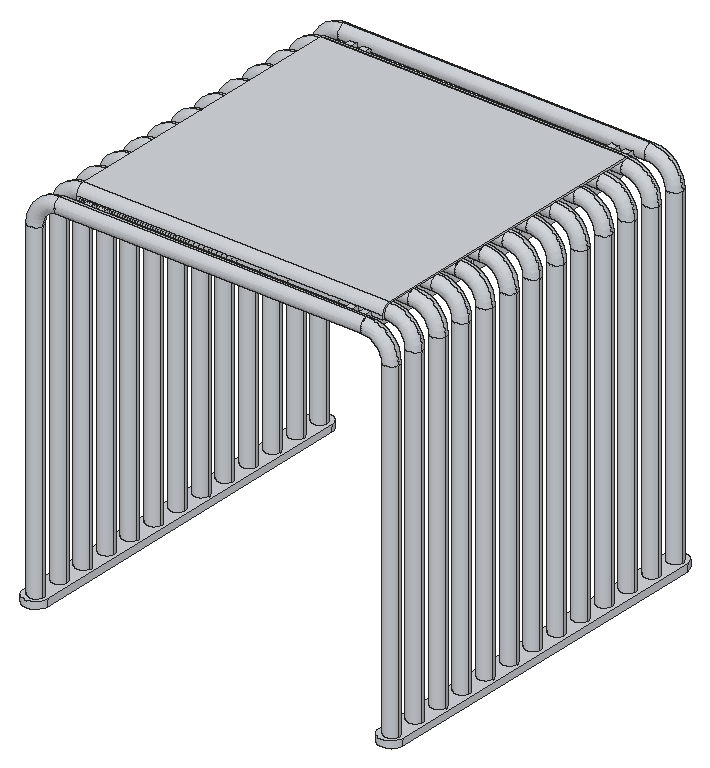
Revit family "XCUBE-XLCUBE1", category Furniture, Revit 2019
Family settings
  OmniClass Number = 23.40.20.00
  OmniClass Title = General Furniture and Specialties
  Work Plane-Based = No
  Always vertical = Yes
  Cut with Voids When Loaded = No
  Shared = No
  Room Calculation Point = No
Parameters (values of type "XCUBE")
  XLCUBE = no
  XCUBE = yes
  URL = "https://viaseating.com/series/sierra-015-outdoor-collection-single-backless-seat/"
  Model = "XCUBE"
  Manufacturer = "Via Seating"
  Finish [instance] = none
  Description = "The Sierra Cube is the most versatile product in the entire collection. It can be used as a seat, side table or pouffe.  It's ready-equipped for fastening to the ground with bolts or joined together using steel plates."
Types (3): name | XLCUBE | XCUBE | Model
  (no name) | no | yes | "XCUBE"
  XCUBE | no | yes | "XCUBE"
  XLCUBE | yes | no | "XLCUBE"
Reference planes (in)
  plane 1 "Center Front/Back": y = 0
  plane 2: z = 0
  plane 3 "Center Left/Right": x = 0
Forms (in)
  Extrusion 1, solid, material <- "Finish", visible <- "XLCUBE"
    sketch origin (9.09301, -6.94997, 0) x (1, 0, 0) y (0, 1, 0)
      loop
        arc (-9.09301, -7.10336) -> (-8.5032, -7.66438) -> (-7.91339, -7.10336) r 0.59055
        line (-7.91339, -7.10336) -> (-7.91339, 6.3997)
        arc (-7.91339, 6.3997) -> (-8.5032, 6.96072) -> (-9.09301, 6.3997) r 0.59055
        line (-9.09301, 6.3997) -> (-9.09301, -7.10336)
      loop
        circle (-8.5032, 6.3764) r 0.35531
      loop
        circle (-8.5032, 4.97083) r 0.35531
      loop
        circle (-8.5032, 3.53733) r 0.35531
      loop
        circle (-8.5032, 2.13177) r 0.35531
      loop
        circle (-8.5032, 0.70714) r 0.35531
      loop
        circle (-8.5032, -7.08006) r 0.35531
      loop
        circle (-8.5032, -5.67449) r 0.35531
      loop
        circle (-8.5032, -4.24099) r 0.35531
      loop
        circle (-8.5032, -2.83543) r 0.35531
      loop
        circle (-8.5032, -1.4108) r 0.35531
    from 0 to 0.31496
  Extrusion 2, solid, material <- "Finish", visible <- "XLCUBE"
    sketch origin (9.09301, -6.94997, 0) x (0, 1, 0) y (0, 0, -1)
      loop
        arc (6.24996, -16.96996) -> (5.46634, -16.56973) -> (4.6162, -16.34281) r 4.17074
        arc (4.6162, -16.34281) -> (2.15865, -16.28893) -> (-0.29948, -16.29746) r 96.79933
        arc (-0.29948, -16.29746) -> (-0.36176, -16.35471) -> (-0.42404, -16.29745) r 0.0625
        arc (-0.42404, -16.29745) -> (-2.8821, -16.28893) -> (-5.33958, -16.34281) r 96.79933
        arc (-5.33958, -16.34281) -> (-6.18972, -16.56973) -> (-6.97334, -16.96996) r 4.17074
        arc (-6.97334, -16.96996) -> (-6.99795, -17.00745) -> (-6.98712, -17.05097) r 0.05596
        arc (-6.98712, -17.05097) -> (-6.81992, -17.1701) -> (-6.7475, -17.3622) r 0.35238
        line (-6.7475, -17.3622) -> (-6.03753, -17.3622)
        arc (-6.03753, -17.3622) -> (-5.68887, -17.03397) -> (-5.34022, -17.3622) r 0.34929
        line (-5.34022, -17.3622) -> (-4.61764, -17.3622)
        arc (-4.61764, -17.3622) -> (-4.26899, -17.03397) -> (-3.92034, -17.3622) r 0.34929
        line (-3.92034, -17.3622) -> (-3.20033, -17.3622)
        arc (-3.20033, -17.3622) -> (-2.85167, -17.03397) -> (-2.50302, -17.3622) r 0.34929
        line (-2.50302, -17.3622) -> (-1.78044, -17.3622)
        arc (-1.78044, -17.3622) -> (-1.43179, -17.03397) -> (-1.08314, -17.3622) r 0.34929
        line (-1.08314, -17.3622) -> (0.35975, -17.3622)
        arc (0.35975, -17.3622) -> (0.70841, -17.03397) -> (1.05706, -17.3622) r 0.34929
        line (1.05706, -17.3622) -> (1.77964, -17.3622)
        arc (1.77964, -17.3622) -> (2.12829, -17.03397) -> (2.47695, -17.3622) r 0.34929
        line (2.47695, -17.3622) -> (3.19695, -17.3622)
        arc (3.19695, -17.3622) -> (3.54561, -17.03397) -> (3.89426, -17.3622) r 0.34929
        line (3.89426, -17.3622) -> (4.61684, -17.3622)
        arc (4.61684, -17.3622) -> (4.96549, -17.03397) -> (5.31414, -17.3622) r 0.34929
        line (5.31414, -17.3622) -> (6.02412, -17.3622)
        arc (6.02412, -17.3622) -> (6.09654, -17.1701) -> (6.26373, -17.05097) r 0.35238
        arc (6.26373, -17.05097) -> (6.27456, -17.00745) -> (6.24996, -16.96996) r 0.05596
      loop
        circle (1.43063, -16.82947) r 0.10934
      loop
        circle (-2.15401, -16.82947) r 0.10934
    from -6.75224 to -6.43744
  Sweep 3, solid, material <- "Finish", visible <- "XLCUBE"
    path origin (9.09301, -5.03698, 0) x (1, 0, 0) y (0, 0, 1)
      loop
        line (-8.5032, 0) -> (-8.5032, 16.21875)
        arc (-8.5032, 16.21875) -> (-8.16018, 17.04687) -> (-7.33205, 17.3899) r 1.17115
        line (-7.33205, 17.3899) -> (7.33205, 17.3899)
        arc (7.33205, 17.3899) -> (8.16018, 17.04687) -> (8.5032, 16.21875) r 1.17115
        line (8.5032, 16.21875) -> (8.5032, 0)
    profile origin (0.58981, -5.03698, 8.10937) x (-1, 0, 0) y (0, -1, 0)
      loop
        circle (0, 9) r 0.35531
  Sweep 4, solid, material <- "Finish", visible <- "XLCUBE"
    path origin (9.09301, -3.63141, 0) x (1, 0, 0) y (0, 0, 1)
      loop
        line (-8.5032, 0) -> (-8.5032, 16.21875)
        arc (-8.5032, 16.21875) -> (-8.16018, 17.04687) -> (-7.33205, 17.3899) r 1.17115
        line (-7.33205, 17.3899) -> (7.33205, 17.3899)
        arc (7.33205, 17.3899) -> (8.16018, 17.04687) -> (8.5032, 16.21875) r 1.17115
        line (8.5032, 16.21875) -> (8.5032, 0)
    profile origin (0.58981, -3.63141, 8.10937) x (-1, 0, 0) y (0, -1, 0)
      loop
        circle (0, 9) r 0.35531
  Sweep 5, solid, material <- "Finish", visible <- "XLCUBE"
    path origin (9.09301, -2.19791, 0) x (1, 0, 0) y (0, 0, 1)
      loop
        line (-8.5032, 0) -> (-8.5032, 16.21875)
        arc (-8.5032, 16.21875) -> (-8.16018, 17.04687) -> (-7.33205, 17.3899) r 1.17115
        line (-7.33205, 17.3899) -> (7.33205, 17.3899)
        arc (7.33205, 17.3899) -> (8.16018, 17.04687) -> (8.5032, 16.21875) r 1.17115
        line (8.5032, 16.21875) -> (8.5032, 0)
    profile origin (0.58981, -2.19791, 8.10937) x (-1, 0, 0) y (0, -1, 0)
      loop
        circle (0, 9) r 0.35531
  Sweep 6, solid, material <- "Finish", visible <- "XLCUBE"
    path origin (9.09301, -0.79235, 0) x (1, 0, 0) y (0, 0, 1)
      loop
        line (-8.5032, 0) -> (-8.5032, 16.21875)
        arc (-8.5032, 16.21875) -> (-8.16018, 17.04687) -> (-7.33205, 17.3899) r 1.17115
        line (-7.33205, 17.3899) -> (7.33205, 17.3899)
        arc (7.33205, 17.3899) -> (8.16018, 17.04687) -> (8.5032, 16.21875) r 1.17115
        line (8.5032, 16.21875) -> (8.5032, 0)
    profile origin (0.58981, -0.79235, 8.10937) x (-1, 0, 0) y (0, -1, 0)
      loop
        circle (0, 9) r 0.35531
  Sweep 7, solid, material <- "Finish", visible <- "XLCUBE"
    path origin (9.09301, 0.63228, 0) x (1, 0, 0) y (0, 0, 1)
      loop
        line (-8.5032, 0) -> (-8.5032, 16.21875)
        arc (-8.5032, 16.21875) -> (-8.16018, 17.04687) -> (-7.33205, 17.3899) r 1.17115
        line (-7.33205, 17.3899) -> (7.33205, 17.3899)
        arc (7.33205, 17.3899) -> (8.16018, 17.04687) -> (8.5032, 16.21875) r 1.17115
        line (8.5032, 16.21875) -> (8.5032, 0)
    profile origin (0.58981, 0.63228, 8.10937) x (-1, 0, 0) y (0, -1, 0)
      loop
        circle (0, 9) r 0.35531
  Sweep 8, solid, material <- "Finish", visible <- "XLCUBE"
    path origin (9.09301, -9.57357, 0) x (1, 0, 0) y (0, 0, -1)
      loop
        line (-8.5032, 0) -> (-8.5032, -16.21875)
        arc (-8.5032, -16.21875) -> (-8.16018, -17.04687) -> (-7.33205, -17.3899) r 1.17115
        line (-7.33205, -17.3899) -> (7.33205, -17.3899)
        arc (7.33205, -17.3899) -> (8.16018, -17.04687) -> (8.5032, -16.21875) r 1.17115
        line (8.5032, -16.21875) -> (8.5032, 0)
    profile origin (0.58981, -9.57357, 8.10937) x (1, 0, 0) y (0, 1, 0)
      loop
        circle (0, 9) r 0.35531
  Sweep 9, solid, material <- "Finish", visible <- "XLCUBE"
    path origin (9.09301, -10.97914, 0) x (1, 0, 0) y (0, 0, -1)
      loop
        line (-8.5032, 0) -> (-8.5032, -16.21875)
        arc (-8.5032, -16.21875) -> (-8.16018, -17.04687) -> (-7.33205, -17.3899) r 1.17115
        line (-7.33205, -17.3899) -> (7.33205, -17.3899)
        arc (7.33205, -17.3899) -> (8.16018, -17.04687) -> (8.5032, -16.21875) r 1.17115
        line (8.5032, -16.21875) -> (8.5032, 0)
    profile origin (0.58981, -10.97914, 8.10937) x (1, 0, 0) y (0, 1, 0)
      loop
        circle (0, 9) r 0.35531
  Sweep 10, solid, material <- "Finish", visible <- "XLCUBE"
    path origin (9.09301, -12.41263, 0) x (1, 0, 0) y (0, 0, -1)
      loop
        line (-8.5032, 0) -> (-8.5032, -16.21875)
        arc (-8.5032, -16.21875) -> (-8.16018, -17.04687) -> (-7.33205, -17.3899) r 1.17115
        line (-7.33205, -17.3899) -> (7.33205, -17.3899)
        arc (7.33205, -17.3899) -> (8.16018, -17.04687) -> (8.5032, -16.21875) r 1.17115
        line (8.5032, -16.21875) -> (8.5032, 0)
    profile origin (0.58981, -12.41263, 8.10937) x (1, 0, 0) y (0, 1, 0)
      loop
        circle (0, 9) r 0.35531
  Sweep 11, solid, material <- "Finish", visible <- "XLCUBE"
    path origin (9.09301, -13.8182, 0) x (1, 0, 0) y (0, 0, -1)
      loop
        line (-8.5032, 0) -> (-8.5032, -16.21875)
        arc (-8.5032, -16.21875) -> (-8.16018, -17.04687) -> (-7.33205, -17.3899) r 1.17115
        line (-7.33205, -17.3899) -> (7.33205, -17.3899)
        arc (7.33205, -17.3899) -> (8.16018, -17.04687) -> (8.5032, -16.21875) r 1.17115
        line (8.5032, -16.21875) -> (8.5032, 0)
    profile origin (0.58981, -13.8182, 8.10937) x (1, 0, 0) y (0, 1, 0)
      loop
        circle (0, 9) r 0.35531
  Sweep 12, solid, material <- "Finish", visible <- "XLCUBE"
    path origin (9.09301, -15.24283, 0) x (1, 0, 0) y (0, 0, -1)
      loop
        line (-8.5032, 0) -> (-8.5032, -16.21875)
        arc (-8.5032, -16.21875) -> (-8.16018, -17.04687) -> (-7.33205, -17.3899) r 1.17115
        line (-7.33205, -17.3899) -> (7.33205, -17.3899)
        arc (7.33205, -17.3899) -> (8.16018, -17.04687) -> (8.5032, -16.21875) r 1.17115
        line (8.5032, -16.21875) -> (8.5032, 0)
    profile origin (0.58981, -15.24283, 8.10937) x (1, 0, 0) y (0, 1, 0)
      loop
        circle (0, 9) r 0.35531
  Extrusion 13, solid, material <- "Finish", visible <- "XLCUBE"
    sketch origin (9.09301, -6.94997, 0) x (0, 1, 0) y (0, 0, 1)
      loop
        arc (-5.68495, 17.77559) -> (-5.97726, 17.65451) -> (-6.09833, 17.3622) r 0.41339
        line (-6.09833, 17.3622) -> (-6.09833, 17.18481) -> (-6.03974, 17.18481) -> (-6.03974, 17.3622)
        arc (-6.03974, 17.3622) -> (-5.93582, 17.61308) -> (-5.68495, 17.717) r 0.35479
        line (-5.68495, 17.717) -> (4.96157, 17.717)
        arc (4.96157, 17.717) -> (5.21244, 17.61308) -> (5.31636, 17.3622) r 0.35479
        line (5.31636, 17.3622) -> (5.31636, 17.18481) -> (5.37495, 17.18481) -> (5.37495, 17.3622)
        arc (5.37495, 17.3622) -> (5.25387, 17.65451) -> (4.96157, 17.77559) r 0.41339
        line (4.96157, 17.77559) -> (-5.68495, 17.77559)
    from -7.32283 to 7.32172
  Extrusion 14, solid, material <- "Finish", visible <- "XCUBE"
    sketch origin (9.09301, -6.94997, 0) x (1, 0, 0) y (0, 1, 0)
      loop
        arc (-9.09301, -10.6164) -> (-8.5032, -11.17742) -> (-7.91339, -10.6164) r 0.59055
        line (-7.91339, -10.6164) -> (-7.91339, 6.3997)
        arc (-7.91339, 6.3997) -> (-8.5032, 6.96072) -> (-9.09301, 6.3997) r 0.59055
        line (-9.09301, 6.3997) -> (-9.09301, -10.6164)
      loop
        circle (-8.5032, 6.3764) r 0.35531
      loop
        circle (-8.5032, 4.97083) r 0.35531
      loop
        circle (-8.5032, 3.53733) r 0.35531
      loop
        circle (-8.5032, 2.13177) r 0.35531
      loop
        circle (-8.5032, 0.70714) r 0.35531
      loop
        circle (-8.5032, -6.3764) r 0.35531
      loop
        circle (-8.5032, -4.97083) r 0.35531
      loop
        circle (-8.5032, -3.53733) r 0.35531
      loop
        circle (-8.5032, -2.13177) r 0.35531
      loop
        circle (-8.5032, -0.70714) r 0.35531
      loop
        circle (-8.5032, -7.78196) r 0.35531
      loop
        circle (-8.5032, -9.18753) r 0.35531
      loop
        circle (-8.5032, -10.5931) r 0.35531
    from 0 to 0.31496
  Extrusion 15, solid, material <- "Finish", visible <- "XCUBE"
    sketch origin (9.09301, -6.94997, 0) x (0, 1, 0) y (0, 0, -1)
      loop
        line (-10.24349, -17.3622) -> (-9.54342, -17.3622)
        arc (-9.54342, -17.3622) -> (-9.18838, -17.03319) -> (-8.83333, -17.3622) r 0.35607
        line (-8.83333, -17.3622) -> (-8.13717, -17.3622)
        arc (-8.13717, -17.3622) -> (-7.78213, -17.03319) -> (-7.42708, -17.3622) r 0.35607
        line (-7.42708, -17.3622) -> (-6.73092, -17.3622)
        arc (-6.73092, -17.3622) -> (-6.37588, -17.03319) -> (-6.02083, -17.3622) r 0.35607
        line (-6.02083, -17.3622) -> (-5.32405, -17.3622)
        arc (-5.32405, -17.3622) -> (-4.969, -17.03319) -> (-4.61396, -17.3622) r 0.35607
        line (-4.61396, -17.3622) -> (-3.89436, -17.3622)
        arc (-3.89436, -17.3622) -> (-3.53932, -17.03319) -> (-3.18427, -17.3622) r 0.35607
        line (-3.18427, -17.3622) -> (-2.48811, -17.3622)
        arc (-2.48811, -17.3622) -> (-2.13307, -17.03319) -> (-1.77802, -17.3622) r 0.35607
        line (-1.77802, -17.3622) -> (-1.06719, -17.3622)
        arc (-1.06719, -17.3622) -> (-0.71214, -17.03319) -> (-0.3571, -17.3622) r 0.35607
        line (-0.3571, -17.3622) -> (0.3632, -17.3622)
        arc (0.3632, -17.3622) -> (0.71824, -17.03319) -> (1.07329, -17.3622) r 0.35607
        line (1.07329, -17.3622) -> (1.76945, -17.3622)
        arc (1.76945, -17.3622) -> (2.12449, -17.03319) -> (2.47954, -17.3622) r 0.35607
        line (2.47954, -17.3622) -> (3.18676, -17.3622)
        arc (3.18676, -17.3622) -> (3.54181, -17.03319) -> (3.89685, -17.3622) r 0.35607
        line (3.89685, -17.3622) -> (4.60655, -17.3622)
        arc (4.60655, -17.3622) -> (4.96159, -17.03319) -> (5.31664, -17.3622) r 0.35607
        line (5.31664, -17.3622) -> (6.02412, -17.3622)
        arc (6.02412, -17.3622) -> (6.10336, -17.16404) -> (6.28169, -17.04679) r 0.35607
        arc (6.28169, -17.04679) -> (6.30505, -17.00925) -> (6.28477, -16.96996) r 0.04477
        arc (6.28477, -16.96996) -> (5.77457, -16.68603) -> (5.22972, -16.47613) r 4.17074
        arc (5.22972, -16.47613) -> (1.59125, -16.31568) -> (-2.05069, -16.29221) r 96.79933
        arc (-2.05069, -16.29221) -> (-2.11318, -16.35471) -> (-2.17569, -16.29221) r 0.0625
        arc (-2.17569, -16.29221) -> (-5.81548, -16.31562) -> (-9.45182, -16.47585) r 96.79933
        arc (-9.45182, -16.47585) -> (-9.99715, -16.68582) -> (-10.50777, -16.96996) r 4.17074
        arc (-10.50777, -16.96996) -> (-10.52809, -17.00745) -> (-10.50777, -17.04495) r 0.04477
        arc (-10.50777, -17.04495) -> (-10.32495, -17.16136) -> (-10.24349, -17.3622) r 0.35607
      loop
        circle (-3.53834, -16.82947) r 0.10934
      loop
        circle (-0.67708, -16.82947) r 0.10934
    from -6.75224 to -6.43744
  Sweep 16, solid, material <- "Finish", visible <- "XCUBE"
    path origin (9.09301, -4.32637, 0) x (1, 0, 0) y (0, 0, 1)
      loop
        line (-8.5032, 0) -> (-8.5032, 16.21875)
        arc (-8.5032, 16.21875) -> (-8.16018, 17.04687) -> (-7.33205, 17.3899) r 1.17115
        line (-7.33205, 17.3899) -> (7.33205, 17.3899)
        arc (7.33205, 17.3899) -> (8.16018, 17.04687) -> (8.5032, 16.21875) r 1.17115
        line (8.5032, 16.21875) -> (8.5032, 0)
    profile origin (0.58981, -4.32637, 8.10937) x (-1, 0, 0) y (0, -1, 0)
      loop
        circle (0, 9) r 0.35531
  Sweep 17, solid, material <- "Finish", visible <- "XCUBE"
    path origin (9.09301, -2.9208, 0) x (1, 0, 0) y (0, 0, 1)
      loop
        line (-8.5032, 0) -> (-8.5032, 16.21875)
        arc (-8.5032, 16.21875) -> (-8.16018, 17.04687) -> (-7.33205, 17.3899) r 1.17115
        line (-7.33205, 17.3899) -> (7.33205, 17.3899)
        arc (7.33205, 17.3899) -> (8.16018, 17.04687) -> (8.5032, 16.21875) r 1.17115
        line (8.5032, 16.21875) -> (8.5032, 0)
    profile origin (0.58981, -2.9208, 8.10937) x (-1, 0, 0) y (0, -1, 0)
      loop
        circle (0, 9) r 0.35531
  Sweep 18, solid, material <- "Finish", visible <- "XCUBE"
    path origin (9.09301, -1.4873, 0) x (1, 0, 0) y (0, 0, 1)
      loop
        line (-8.5032, 0) -> (-8.5032, 16.21875)
        arc (-8.5032, 16.21875) -> (-8.16018, 17.04687) -> (-7.33205, 17.3899) r 1.17115
        line (-7.33205, 17.3899) -> (7.33205, 17.3899)
        arc (7.33205, 17.3899) -> (8.16018, 17.04687) -> (8.5032, 16.21875) r 1.17115
        line (8.5032, 16.21875) -> (8.5032, 0)
    profile origin (0.58981, -1.4873, 8.10937) x (-1, 0, 0) y (0, -1, 0)
      loop
        circle (0, 9) r 0.35531
  Sweep 19, solid, material <- "Finish", visible <- "XCUBE"
    path origin (9.09301, -0.08173, 0) x (1, 0, 0) y (0, 0, 1)
      loop
        line (-8.5032, 0) -> (-8.5032, 16.21875)
        arc (-8.5032, 16.21875) -> (-8.16018, 17.04687) -> (-7.33205, 17.3899) r 1.17115
        line (-7.33205, 17.3899) -> (7.33205, 17.3899)
        arc (7.33205, 17.3899) -> (8.16018, 17.04687) -> (8.5032, 16.21875) r 1.17115
        line (8.5032, 16.21875) -> (8.5032, 0)
    profile origin (0.58981, -0.08173, 8.10937) x (-1, 0, 0) y (0, -1, 0)
      loop
        circle (0, 9) r 0.35531
  Sweep 20, solid, material <- "Finish", visible <- "XCUBE"
    path origin (9.09301, 1.3429, 0) x (1, 0, 0) y (0, 0, 1)
      loop
        line (-8.5032, 0) -> (-8.5032, 16.21875)
        arc (-8.5032, 16.21875) -> (-8.16018, 17.04687) -> (-7.33205, 17.3899) r 1.17115
        line (-7.33205, 17.3899) -> (7.33205, 17.3899)
        arc (7.33205, 17.3899) -> (8.16018, 17.04687) -> (8.5032, 16.21875) r 1.17115
        line (8.5032, 16.21875) -> (8.5032, 0)
    profile origin (0.58981, 1.3429, 8.10937) x (-1, 0, 0) y (0, -1, 0)
      loop
        circle (0, 9) r 0.35531
  Sweep 21, solid, material <- "Finish", visible <- "XCUBE"
    path origin (9.09301, -9.57357, 0) x (1, 0, 0) y (0, 0, -1)
      loop
        line (-8.5032, 0) -> (-8.5032, -16.21875)
        arc (-8.5032, -16.21875) -> (-8.16018, -17.04687) -> (-7.33205, -17.3899) r 1.17115
        line (-7.33205, -17.3899) -> (7.33205, -17.3899)
        arc (7.33205, -17.3899) -> (8.16018, -17.04687) -> (8.5032, -16.21875) r 1.17115
        line (8.5032, -16.21875) -> (8.5032, 0)
    profile origin (0.58981, -9.57357, 8.10937) x (1, 0, 0) y (0, 1, 0)
      loop
        circle (0, 9) r 0.35531
  Sweep 22, solid, material <- "Finish", visible <- "XCUBE"
    path origin (9.09301, -10.97914, 0) x (1, 0, 0) y (0, 0, -1)
      loop
        line (-8.5032, 0) -> (-8.5032, -16.21875)
        arc (-8.5032, -16.21875) -> (-8.16018, -17.04687) -> (-7.33205, -17.3899) r 1.17115
        line (-7.33205, -17.3899) -> (7.33205, -17.3899)
        arc (7.33205, -17.3899) -> (8.16018, -17.04687) -> (8.5032, -16.21875) r 1.17115
        line (8.5032, -16.21875) -> (8.5032, 0)
    profile origin (0.58981, -10.97914, 8.10937) x (1, 0, 0) y (0, 1, 0)
      loop
        circle (0, 9) r 0.35531
  Sweep 23, solid, material <- "Finish", visible <- "XCUBE"
    path origin (9.09301, -12.41263, 0) x (1, 0, 0) y (0, 0, -1)
      loop
        line (-8.5032, 0) -> (-8.5032, -16.21875)
        arc (-8.5032, -16.21875) -> (-8.16018, -17.04687) -> (-7.33205, -17.3899) r 1.17115
        line (-7.33205, -17.3899) -> (7.33205, -17.3899)
        arc (7.33205, -17.3899) -> (8.16018, -17.04687) -> (8.5032, -16.21875) r 1.17115
        line (8.5032, -16.21875) -> (8.5032, 0)
    profile origin (0.58981, -12.41263, 8.10937) x (1, 0, 0) y (0, 1, 0)
      loop
        circle (0, 9) r 0.35531
  Sweep 24, solid, material <- "Finish", visible <- "XCUBE"
    path origin (9.09301, -13.8182, 0) x (1, 0, 0) y (0, 0, -1)
      loop
        line (-8.5032, 0) -> (-8.5032, -16.21875)
        arc (-8.5032, -16.21875) -> (-8.16018, -17.04687) -> (-7.33205, -17.3899) r 1.17115
        line (-7.33205, -17.3899) -> (7.33205, -17.3899)
        arc (7.33205, -17.3899) -> (8.16018, -17.04687) -> (8.5032, -16.21875) r 1.17115
        line (8.5032, -16.21875) -> (8.5032, 0)
    profile origin (0.58981, -13.8182, 8.10937) x (1, 0, 0) y (0, 1, 0)
      loop
        circle (0, 9) r 0.35531
  Sweep 25, solid, material <- "Finish", visible <- "XCUBE"
    path origin (9.09301, -15.24283, 0) x (1, 0, 0) y (0, 0, -1)
      loop
        line (-8.5032, 0) -> (-8.5032, -16.21875)
        arc (-8.5032, -16.21875) -> (-8.16018, -17.04687) -> (-7.33205, -17.3899) r 1.17115
        line (-7.33205, -17.3899) -> (7.33205, -17.3899)
        arc (7.33205, -17.3899) -> (8.16018, -17.04687) -> (8.5032, -16.21875) r 1.17115
        line (8.5032, -16.21875) -> (8.5032, 0)
    profile origin (0.58981, -15.24283, 8.10937) x (1, 0, 0) y (0, 1, 0)
      loop
        circle (0, 9) r 0.35531
  Extrusion 26, solid, material <- "Finish", visible <- "XCUBE"
    sketch origin (9.09301, -6.94997, 0) x (0, 1, 0) y (0, 0, 1)
      loop
        arc (-9.18807, 17.77559) -> (-9.48038, 17.65451) -> (-9.60146, 17.3622) r 0.41339
        line (-9.60146, 17.3622) -> (-9.60146, 17.18481) -> (-9.54286, 17.18481) -> (-9.54286, 17.3622)
        arc (-9.54286, 17.3622) -> (-9.43895, 17.61308) -> (-9.18807, 17.717) r 0.35479
        line (-9.18807, 17.717) -> (4.96157, 17.717)
        arc (4.96157, 17.717) -> (5.21244, 17.61308) -> (5.31636, 17.3622) r 0.35479
        line (5.31636, 17.3622) -> (5.31636, 17.18481) -> (5.37495, 17.18481) -> (5.37495, 17.3622)
        arc (5.37495, 17.3622) -> (5.25387, 17.65451) -> (4.96157, 17.77559) r 0.41339
        line (4.96157, 17.77559) -> (-9.18807, 17.77559)
    from -7.32283 to 7.32172
  Sweep 27, solid, material <- "Finish", visible <- "XCUBE"
    path origin (9.09301, -5.73193, 0) x (1, 0, 0) y (0, 0, 1)
      loop
        line (-8.5032, 0) -> (-8.5032, 16.21875)
        arc (-8.5032, 16.21875) -> (-8.16018, 17.04687) -> (-7.33205, 17.3899) r 1.17115
        line (-7.33205, 17.3899) -> (7.33205, 17.3899)
        arc (7.33205, 17.3899) -> (8.16018, 17.04687) -> (8.5032, 16.21875) r 1.17115
        line (8.5032, 16.21875) -> (8.5032, 0)
    profile origin (0.58981, -5.73193, 8.10937) x (-1, 0, 0) y (0, -1, 0)
      loop
        circle (0, 9) r 0.35531
  Sweep 28, solid, material <- "Finish", visible <- "XCUBE"
    path origin (9.09301, -7.1375, 0) x (1, 0, 0) y (0, 0, 1)
      loop
        line (-8.5032, 0) -> (-8.5032, 16.21875)
        arc (-8.5032, 16.21875) -> (-8.16018, 17.04687) -> (-7.33205, 17.3899) r 1.17115
        line (-7.33205, 17.3899) -> (7.33205, 17.3899)
        arc (7.33205, 17.3899) -> (8.16018, 17.04687) -> (8.5032, 16.21875) r 1.17115
        line (8.5032, 16.21875) -> (8.5032, 0)
    profile origin (0.58981, -7.1375, 8.10937) x (-1, 0, 0) y (0, -1, 0)
      loop
        circle (0, 9) r 0.35531
  Sweep 29, solid, material <- "Finish", visible <- "XCUBE"
    path origin (9.09301, -8.54306, 0) x (1, 0, 0) y (0, 0, 1)
      loop
        line (-8.5032, 0) -> (-8.5032, 16.21875)
        arc (-8.5032, 16.21875) -> (-8.16018, 17.04687) -> (-7.33205, 17.3899) r 1.17115
        line (-7.33205, 17.3899) -> (7.33205, 17.3899)
        arc (7.33205, 17.3899) -> (8.16018, 17.04687) -> (8.5032, 16.21875) r 1.17115
        line (8.5032, 16.21875) -> (8.5032, 0)
    profile origin (0.58981, -8.54306, 8.10937) x (-1, 0, 0) y (0, -1, 0)
      loop
        circle (0, 9) r 0.35531
  Extrusion 30, solid, material <- "Finish", visible <- "XCUBE"
    sketch origin (9.0919, -6.94997, 0) x (-1, 0, 0) y (0, -1, 0)
      loop
        line (-9.09301, 10.6164) -> (-9.09301, -6.3997)
        arc (-9.09301, -6.3997) -> (-8.5032, -6.96072) -> (-7.91339, -6.3997) r 0.59055
        line (-7.91339, -6.3997) -> (-7.91339, 10.6164)
        arc (-7.91339, 10.6164) -> (-8.5032, 11.17742) -> (-9.09301, 10.6164) r 0.59055
      loop
        circle (-8.5032, -6.3764) r 0.35531
      loop
        circle (-8.5032, -4.97083) r 0.35531
      loop
        circle (-8.5032, -3.53733) r 0.35531
      loop
        circle (-8.5032, -2.13177) r 0.35531
      loop
        circle (-8.5032, -0.70714) r 0.35531
      loop
        circle (-8.5032, 6.3764) r 0.35531
      loop
        circle (-8.5032, 4.97083) r 0.35531
      loop
        circle (-8.5032, 3.53733) r 0.35531
      loop
        circle (-8.5032, 2.13177) r 0.35531
      loop
        circle (-8.5032, 0.70714) r 0.35531
      loop
        circle (-8.5032, 7.78196) r 0.35531
      loop
        circle (-8.5032, 9.18753) r 0.35531
      loop
        circle (-8.5032, 10.5931) r 0.35531
    from 0 to 0.31496
  Extrusion 31, solid, material <- "Finish", visible <- "XCUBE"
    sketch origin (8.44303, -6.94997, 0) x (0, 1, 0) y (0, 0, -1)
      loop
        line (-10.24349, -17.3622) -> (-9.54342, -17.3622)
        arc (-9.54342, -17.3622) -> (-9.18838, -17.03319) -> (-8.83333, -17.3622) r 0.35607
        line (-8.83333, -17.3622) -> (-8.13717, -17.3622)
        arc (-8.13717, -17.3622) -> (-7.78213, -17.03319) -> (-7.42708, -17.3622) r 0.35607
        line (-7.42708, -17.3622) -> (-6.73092, -17.3622)
        arc (-6.73092, -17.3622) -> (-6.37588, -17.03319) -> (-6.02083, -17.3622) r 0.35607
        line (-6.02083, -17.3622) -> (-5.32405, -17.3622)
        arc (-5.32405, -17.3622) -> (-4.969, -17.03319) -> (-4.61396, -17.3622) r 0.35607
        line (-4.61396, -17.3622) -> (-3.89436, -17.3622)
        arc (-3.89436, -17.3622) -> (-3.53932, -17.03319) -> (-3.18427, -17.3622) r 0.35607
        line (-3.18427, -17.3622) -> (-2.48811, -17.3622)
        arc (-2.48811, -17.3622) -> (-2.13307, -17.03319) -> (-1.77802, -17.3622) r 0.35607
        line (-1.77802, -17.3622) -> (-1.06719, -17.3622)
        arc (-1.06719, -17.3622) -> (-0.71214, -17.03319) -> (-0.3571, -17.3622) r 0.35607
        line (-0.3571, -17.3622) -> (0.3632, -17.3622)
        arc (0.3632, -17.3622) -> (0.71824, -17.03319) -> (1.07329, -17.3622) r 0.35607
        line (1.07329, -17.3622) -> (1.76945, -17.3622)
        arc (1.76945, -17.3622) -> (2.12449, -17.03319) -> (2.47954, -17.3622) r 0.35607
        line (2.47954, -17.3622) -> (3.18676, -17.3622)
        arc (3.18676, -17.3622) -> (3.54181, -17.03319) -> (3.89685, -17.3622) r 0.35607
        line (3.89685, -17.3622) -> (4.60655, -17.3622)
        arc (4.60655, -17.3622) -> (4.96159, -17.03319) -> (5.31664, -17.3622) r 0.35607
        line (5.31664, -17.3622) -> (6.02412, -17.3622)
        arc (6.02412, -17.3622) -> (6.10336, -17.16404) -> (6.28169, -17.04679) r 0.35607
        arc (6.28169, -17.04679) -> (6.30505, -17.00925) -> (6.28477, -16.96996) r 0.04477
        arc (6.28477, -16.96996) -> (5.77457, -16.68603) -> (5.22972, -16.47613) r 4.17074
        arc (5.22972, -16.47613) -> (1.59125, -16.31568) -> (-2.05069, -16.29221) r 96.79933
        arc (-2.05069, -16.29221) -> (-2.11318, -16.35471) -> (-2.17569, -16.29221) r 0.0625
        arc (-2.17569, -16.29221) -> (-5.81548, -16.31562) -> (-9.45182, -16.47585) r 96.79933
        arc (-9.45182, -16.47585) -> (-9.99715, -16.68582) -> (-10.50777, -16.96996) r 4.17074
        arc (-10.50777, -16.96996) -> (-10.52809, -17.00745) -> (-10.50777, -17.04495) r 0.04477
        arc (-10.50777, -17.04495) -> (-10.32495, -17.16136) -> (-10.24349, -17.3622) r 0.35607
      loop
        circle (-3.53834, -16.82947) r 0.10934
      loop
        circle (-0.67708, -16.82947) r 0.10934
    from -6.75224 to -6.43744
  Extrusion 32, solid, material <- "Finish", visible <- "XCUBE"
    sketch origin (9.0919, -6.94997, 0) x (0, 1, 0) y (0, 0, 1)
      loop
        arc (-10.24349, 17.3622) -> (-10.32495, 17.16136) -> (-10.50777, 17.04495) r 0.35607
        arc (-10.50777, 17.04495) -> (-10.52809, 17.00745) -> (-10.50777, 16.96996) r 0.04477
        arc (-10.50777, 16.96996) -> (-9.99715, 16.68582) -> (-9.45182, 16.47585) r 4.17074
        arc (-9.45182, 16.47585) -> (-5.81548, 16.31562) -> (-2.17569, 16.29221) r 96.79933
        arc (-2.17569, 16.29221) -> (-2.11318, 16.35471) -> (-2.05069, 16.29221) r 0.0625
        arc (-2.05069, 16.29221) -> (1.59125, 16.31568) -> (5.22972, 16.47613) r 96.79933
        arc (5.22972, 16.47613) -> (5.77457, 16.68603) -> (6.28477, 16.96996) r 4.17074
        arc (6.28477, 16.96996) -> (6.30505, 17.00925) -> (6.28169, 17.04679) r 0.04477
        arc (6.28169, 17.04679) -> (6.10336, 17.16404) -> (6.02412, 17.3622) r 0.35607
        line (6.02412, 17.3622) -> (5.31664, 17.3622)
        arc (5.31664, 17.3622) -> (4.96159, 17.03319) -> (4.60655, 17.3622) r 0.35607
        line (4.60655, 17.3622) -> (3.89685, 17.3622)
        arc (3.89685, 17.3622) -> (3.54181, 17.03319) -> (3.18676, 17.3622) r 0.35607
        line (3.18676, 17.3622) -> (2.47954, 17.3622)
        arc (2.47954, 17.3622) -> (2.12449, 17.03319) -> (1.76945, 17.3622) r 0.35607
        line (1.76945, 17.3622) -> (1.07329, 17.3622)
        arc (1.07329, 17.3622) -> (0.71824, 17.03319) -> (0.3632, 17.3622) r 0.35607
        line (0.3632, 17.3622) -> (-0.3571, 17.3622)
        arc (-0.3571, 17.3622) -> (-0.71214, 17.03319) -> (-1.06719, 17.3622) r 0.35607
        line (-1.06719, 17.3622) -> (-1.77802, 17.3622)
        arc (-1.77802, 17.3622) -> (-2.13307, 17.03319) -> (-2.48811, 17.3622) r 0.35607
        line (-2.48811, 17.3622) -> (-3.18427, 17.3622)
        arc (-3.18427, 17.3622) -> (-3.53932, 17.03319) -> (-3.89436, 17.3622) r 0.35607
        line (-3.89436, 17.3622) -> (-4.61396, 17.3622)
        arc (-4.61396, 17.3622) -> (-4.969, 17.03319) -> (-5.32405, 17.3622) r 0.35607
        line (-5.32405, 17.3622) -> (-6.02083, 17.3622)
        arc (-6.02083, 17.3622) -> (-6.37588, 17.03319) -> (-6.73092, 17.3622) r 0.35607
        line (-6.73092, 17.3622) -> (-7.42708, 17.3622)
        arc (-7.42708, 17.3622) -> (-7.78213, 17.03319) -> (-8.13717, 17.3622) r 0.35607
        line (-8.13717, 17.3622) -> (-8.83333, 17.3622)
        arc (-8.83333, 17.3622) -> (-9.18838, 17.03319) -> (-9.54342, 17.3622) r 0.35607
        line (-9.54342, 17.3622) -> (-10.24349, 17.3622)
      loop
        circle (-3.53834, 16.82947) r 0.10934
      loop
        circle (-0.67708, 16.82947) r 0.10934
    from -6.75224 to -6.43744
  Extrusion 33, solid, material <- "Finish", visible <- "XCUBE"
    sketch origin (9.74188, -6.94997, 0) x (0, 1, 0) y (0, 0, 1)
      loop
        arc (-10.24349, 17.3622) -> (-10.32495, 17.16136) -> (-10.50777, 17.04495) r 0.35607
        arc (-10.50777, 17.04495) -> (-10.52809, 17.00745) -> (-10.50777, 16.96996) r 0.04477
        arc (-10.50777, 16.96996) -> (-9.99715, 16.68582) -> (-9.45182, 16.47585) r 4.17074
        arc (-9.45182, 16.47585) -> (-5.81548, 16.31562) -> (-2.17569, 16.29221) r 96.79933
        arc (-2.17569, 16.29221) -> (-2.11318, 16.35471) -> (-2.05069, 16.29221) r 0.0625
        arc (-2.05069, 16.29221) -> (1.59125, 16.31568) -> (5.22972, 16.47613) r 96.79933
        arc (5.22972, 16.47613) -> (5.77457, 16.68603) -> (6.28477, 16.96996) r 4.17074
        arc (6.28477, 16.96996) -> (6.30505, 17.00925) -> (6.28169, 17.04679) r 0.04477
        arc (6.28169, 17.04679) -> (6.10336, 17.16404) -> (6.02412, 17.3622) r 0.35607
        line (6.02412, 17.3622) -> (5.31664, 17.3622)
        arc (5.31664, 17.3622) -> (4.96159, 17.03319) -> (4.60655, 17.3622) r 0.35607
        line (4.60655, 17.3622) -> (3.89685, 17.3622)
        arc (3.89685, 17.3622) -> (3.54181, 17.03319) -> (3.18676, 17.3622) r 0.35607
        line (3.18676, 17.3622) -> (2.47954, 17.3622)
        arc (2.47954, 17.3622) -> (2.12449, 17.03319) -> (1.76945, 17.3622) r 0.35607
        line (1.76945, 17.3622) -> (1.07329, 17.3622)
        arc (1.07329, 17.3622) -> (0.71824, 17.03319) -> (0.3632, 17.3622) r 0.35607
        line (0.3632, 17.3622) -> (-0.3571, 17.3622)
        arc (-0.3571, 17.3622) -> (-0.71214, 17.03319) -> (-1.06719, 17.3622) r 0.35607
        line (-1.06719, 17.3622) -> (-1.77802, 17.3622)
        arc (-1.77802, 17.3622) -> (-2.13307, 17.03319) -> (-2.48811, 17.3622) r 0.35607
        line (-2.48811, 17.3622) -> (-3.18427, 17.3622)
        arc (-3.18427, 17.3622) -> (-3.53932, 17.03319) -> (-3.89436, 17.3622) r 0.35607
        line (-3.89436, 17.3622) -> (-4.61396, 17.3622)
        arc (-4.61396, 17.3622) -> (-4.969, 17.03319) -> (-5.32405, 17.3622) r 0.35607
        line (-5.32405, 17.3622) -> (-6.02083, 17.3622)
        arc (-6.02083, 17.3622) -> (-6.37588, 17.03319) -> (-6.73092, 17.3622) r 0.35607
        line (-6.73092, 17.3622) -> (-7.42708, 17.3622)
        arc (-7.42708, 17.3622) -> (-7.78213, 17.03319) -> (-8.13717, 17.3622) r 0.35607
        line (-8.13717, 17.3622) -> (-8.83333, 17.3622)
        arc (-8.83333, 17.3622) -> (-9.18838, 17.03319) -> (-9.54342, 17.3622) r 0.35607
        line (-9.54342, 17.3622) -> (-10.24349, 17.3622)
      loop
        circle (-3.53834, 16.82947) r 0.10934
      loop
        circle (-0.67708, 16.82947) r 0.10934
    from -6.75224 to -6.43744
  Extrusion 34, solid, material <- "Finish", visible <- "XLCUBE"
    sketch origin (9.0919, -6.94997, 0) x (-1, 0, 0) y (0, -1, 0)
      loop
        line (-9.09301, 7.10336) -> (-9.09301, -6.3997)
        arc (-9.09301, -6.3997) -> (-8.5032, -6.96072) -> (-7.91339, -6.3997) r 0.59055
        line (-7.91339, -6.3997) -> (-7.91339, 7.10336)
        arc (-7.91339, 7.10336) -> (-8.5032, 7.66438) -> (-9.09301, 7.10336) r 0.59055
      loop
        circle (-8.5032, -6.3764) r 0.35531
      loop
        circle (-8.5032, -4.97083) r 0.35531
      loop
        circle (-8.5032, -3.53733) r 0.35531
      loop
        circle (-8.5032, -2.13177) r 0.35531
      loop
        circle (-8.5032, -0.70714) r 0.35531
      loop
        circle (-8.5032, 7.08006) r 0.35531
      loop
        circle (-8.5032, 5.67449) r 0.35531
      loop
        circle (-8.5032, 4.24099) r 0.35531
      loop
        circle (-8.5032, 2.83543) r 0.35531
      loop
        circle (-8.5032, 1.4108) r 0.35531
    from 0 to 0.31496
  Extrusion 35, solid, material <- "Finish", visible <- "XLCUBE"
    sketch origin (8.44303, -6.94997, 0) x (0, 1, 0) y (0, 0, -1)
      loop
        arc (6.24996, -16.96996) -> (5.46634, -16.56973) -> (4.6162, -16.34281) r 4.17074
        arc (4.6162, -16.34281) -> (2.15865, -16.28893) -> (-0.29948, -16.29746) r 96.79933
        arc (-0.29948, -16.29746) -> (-0.36176, -16.35471) -> (-0.42404, -16.29745) r 0.0625
        arc (-0.42404, -16.29745) -> (-2.8821, -16.28893) -> (-5.33958, -16.34281) r 96.79933
        arc (-5.33958, -16.34281) -> (-6.18972, -16.56973) -> (-6.97334, -16.96996) r 4.17074
        arc (-6.97334, -16.96996) -> (-6.99795, -17.00745) -> (-6.98712, -17.05097) r 0.05596
        arc (-6.98712, -17.05097) -> (-6.81992, -17.1701) -> (-6.7475, -17.3622) r 0.35238
        line (-6.7475, -17.3622) -> (-6.03753, -17.3622)
        arc (-6.03753, -17.3622) -> (-5.68887, -17.03397) -> (-5.34022, -17.3622) r 0.34929
        line (-5.34022, -17.3622) -> (-4.61764, -17.3622)
        arc (-4.61764, -17.3622) -> (-4.26899, -17.03397) -> (-3.92034, -17.3622) r 0.34929
        line (-3.92034, -17.3622) -> (-3.20033, -17.3622)
        arc (-3.20033, -17.3622) -> (-2.85167, -17.03397) -> (-2.50302, -17.3622) r 0.34929
        line (-2.50302, -17.3622) -> (-1.78044, -17.3622)
        arc (-1.78044, -17.3622) -> (-1.43179, -17.03397) -> (-1.08314, -17.3622) r 0.34929
        line (-1.08314, -17.3622) -> (0.35975, -17.3622)
        arc (0.35975, -17.3622) -> (0.70841, -17.03397) -> (1.05706, -17.3622) r 0.34929
        line (1.05706, -17.3622) -> (1.77964, -17.3622)
        arc (1.77964, -17.3622) -> (2.12829, -17.03397) -> (2.47695, -17.3622) r 0.34929
        line (2.47695, -17.3622) -> (3.19695, -17.3622)
        arc (3.19695, -17.3622) -> (3.54561, -17.03397) -> (3.89426, -17.3622) r 0.34929
        line (3.89426, -17.3622) -> (4.61684, -17.3622)
        arc (4.61684, -17.3622) -> (4.96549, -17.03397) -> (5.31414, -17.3622) r 0.34929
        line (5.31414, -17.3622) -> (6.02412, -17.3622)
        arc (6.02412, -17.3622) -> (6.09654, -17.1701) -> (6.26373, -17.05097) r 0.35238
        arc (6.26373, -17.05097) -> (6.27456, -17.00745) -> (6.24996, -16.96996) r 0.05596
      loop
        circle (1.43063, -16.82947) r 0.10934
      loop
        circle (-2.15401, -16.82947) r 0.10934
    from -6.75224 to -6.43744
  Extrusion 36, solid, material <- "Finish", visible <- "XLCUBE"
    sketch origin (-3.4478, -6.94997, 0) x (0, 1, 0) y (0, 0, -1)
      loop
        arc (6.24996, -16.96996) -> (5.46634, -16.56973) -> (4.6162, -16.34281) r 4.17074
        arc (4.6162, -16.34281) -> (2.15865, -16.28893) -> (-0.29948, -16.29746) r 96.79933
        arc (-0.29948, -16.29746) -> (-0.36176, -16.35471) -> (-0.42404, -16.29745) r 0.0625
        arc (-0.42404, -16.29745) -> (-2.8821, -16.28893) -> (-5.33958, -16.34281) r 96.79933
        arc (-5.33958, -16.34281) -> (-6.18972, -16.56973) -> (-6.97334, -16.96996) r 4.17074
        arc (-6.97334, -16.96996) -> (-6.99795, -17.00745) -> (-6.98712, -17.05097) r 0.05596
        arc (-6.98712, -17.05097) -> (-6.81992, -17.1701) -> (-6.7475, -17.3622) r 0.35238
        line (-6.7475, -17.3622) -> (-6.03753, -17.3622)
        arc (-6.03753, -17.3622) -> (-5.68887, -17.03397) -> (-5.34022, -17.3622) r 0.34929
        line (-5.34022, -17.3622) -> (-4.61764, -17.3622)
        arc (-4.61764, -17.3622) -> (-4.26899, -17.03397) -> (-3.92034, -17.3622) r 0.34929
        line (-3.92034, -17.3622) -> (-3.20033, -17.3622)
        arc (-3.20033, -17.3622) -> (-2.85167, -17.03397) -> (-2.50302, -17.3622) r 0.34929
        line (-2.50302, -17.3622) -> (-1.78044, -17.3622)
        arc (-1.78044, -17.3622) -> (-1.43179, -17.03397) -> (-1.08314, -17.3622) r 0.34929
        line (-1.08314, -17.3622) -> (0.35975, -17.3622)
        arc (0.35975, -17.3622) -> (0.70841, -17.03397) -> (1.05706, -17.3622) r 0.34929
        line (1.05706, -17.3622) -> (1.77964, -17.3622)
        arc (1.77964, -17.3622) -> (2.12829, -17.03397) -> (2.47695, -17.3622) r 0.34929
        line (2.47695, -17.3622) -> (3.19695, -17.3622)
        arc (3.19695, -17.3622) -> (3.54561, -17.03397) -> (3.89426, -17.3622) r 0.34929
        line (3.89426, -17.3622) -> (4.61684, -17.3622)
        arc (4.61684, -17.3622) -> (4.96549, -17.03397) -> (5.31414, -17.3622) r 0.34929
        line (5.31414, -17.3622) -> (6.02412, -17.3622)
        arc (6.02412, -17.3622) -> (6.09654, -17.1701) -> (6.26373, -17.05097) r 0.35238
        arc (6.26373, -17.05097) -> (6.27456, -17.00745) -> (6.24996, -16.96996) r 0.05596
      loop
        circle (1.43063, -16.82947) r 0.10934
      loop
        circle (-2.15401, -16.82947) r 0.10934
    from -6.75224 to -6.43744
  Extrusion 37, solid, material <- "Finish", visible <- "XLCUBE"
    sketch origin (-4.09778, -6.94997, 0) x (0, 1, 0) y (0, 0, -1)
      loop
        arc (6.24996, -16.96996) -> (5.46634, -16.56973) -> (4.6162, -16.34281) r 4.17074
        arc (4.6162, -16.34281) -> (2.15865, -16.28893) -> (-0.29948, -16.29746) r 96.79933
        arc (-0.29948, -16.29746) -> (-0.36176, -16.35471) -> (-0.42404, -16.29745) r 0.0625
        arc (-0.42404, -16.29745) -> (-2.8821, -16.28893) -> (-5.33958, -16.34281) r 96.79933
        arc (-5.33958, -16.34281) -> (-6.18972, -16.56973) -> (-6.97334, -16.96996) r 4.17074
        arc (-6.97334, -16.96996) -> (-6.99795, -17.00745) -> (-6.98712, -17.05097) r 0.05596
        arc (-6.98712, -17.05097) -> (-6.81992, -17.1701) -> (-6.7475, -17.3622) r 0.35238
        line (-6.7475, -17.3622) -> (-6.03753, -17.3622)
        arc (-6.03753, -17.3622) -> (-5.68887, -17.03397) -> (-5.34022, -17.3622) r 0.34929
        line (-5.34022, -17.3622) -> (-4.61764, -17.3622)
        arc (-4.61764, -17.3622) -> (-4.26899, -17.03397) -> (-3.92034, -17.3622) r 0.34929
        line (-3.92034, -17.3622) -> (-3.20033, -17.3622)
        arc (-3.20033, -17.3622) -> (-2.85167, -17.03397) -> (-2.50302, -17.3622) r 0.34929
        line (-2.50302, -17.3622) -> (-1.78044, -17.3622)
        arc (-1.78044, -17.3622) -> (-1.43179, -17.03397) -> (-1.08314, -17.3622) r 0.34929
        line (-1.08314, -17.3622) -> (0.35975, -17.3622)
        arc (0.35975, -17.3622) -> (0.70841, -17.03397) -> (1.05706, -17.3622) r 0.34929
        line (1.05706, -17.3622) -> (1.77964, -17.3622)
        arc (1.77964, -17.3622) -> (2.12829, -17.03397) -> (2.47695, -17.3622) r 0.34929
        line (2.47695, -17.3622) -> (3.19695, -17.3622)
        arc (3.19695, -17.3622) -> (3.54561, -17.03397) -> (3.89426, -17.3622) r 0.34929
        line (3.89426, -17.3622) -> (4.61684, -17.3622)
        arc (4.61684, -17.3622) -> (4.96549, -17.03397) -> (5.31414, -17.3622) r 0.34929
        line (5.31414, -17.3622) -> (6.02412, -17.3622)
        arc (6.02412, -17.3622) -> (6.09654, -17.1701) -> (6.26373, -17.05097) r 0.35238
        arc (6.26373, -17.05097) -> (6.27456, -17.00745) -> (6.24996, -16.96996) r 0.05596
      loop
        circle (1.43063, -16.82947) r 0.10934
      loop
        circle (-2.15401, -16.82947) r 0.10934
    from -6.75224 to -6.43744
Dimensions and locks (in)
  aligned and locked: level to plane 2
